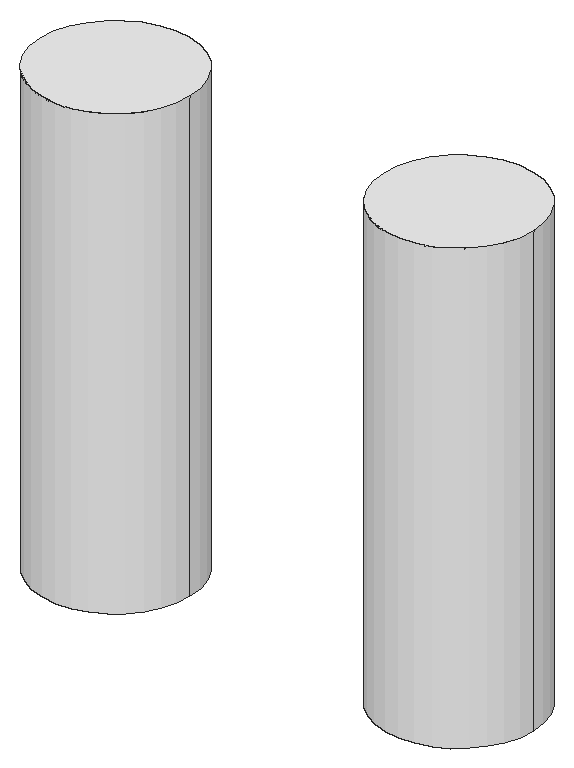
Revit family "65292203", category Plumbing Fixtures, Revit 2018
Family settings
  Round Connector Dimension = Use Diameter
  Part Type = Normal
  OmniClass Number = 23.45.55.00
  OmniClass Title = Sanitary Faucets, Wastes
  Work Plane-Based = No
  Always vertical = Yes
  Cut with Voids When Loaded = No
  Shared = No
  Room Calculation Point = No
Parameters (values of type "65292203 Kitchen faucet with dishwasher valve, 6 V ")
  WorkingPressure = "100 - 1000 kPa"
  Working Pressure = "100 - 1000 kPa"
  WarrantyStartDate [instance] = "n/a"
  WarrantyGuarantorParts = "n/a"
  WarrantyGuarantorLabor = "n/a"
  WarrantyDurationUnit = "Year"
  WarrantyDurationParts = "n/a"
  WarrantyDurationLabor = "n/a"
  WarrantyDescription = "http://warranty.hansa.com"
  Warranty Information URL = "http://warranty.hansa.com"
  VersionDate = "01/07/2022"
  Version = "3"
  ValvePattern = "n/a"
  ValveOperation = "n/a"
  ValveMechanism = "n/a"
  Uniclass2015Reference = "Pr_40_20_87_96"
  Uniclass2015Description = "Washbasin manual water supply sets"
  Uniclass2 = "Pr_40_30_96_96"
  URL WEEE = "http://www.hansa.com/fileadmin/resources/153036_WEEE.pdf"
  URL UN38.3 = "http://www.hansa.com/fileadmin/resources/163480_UN38-3_Maxell_2CR5_198330-77.pdf3.pdf"
  URL REACH = "http://static.hansa.com/doc/reach"
  URL Declaration of Conformity = "http://static.hansa.com/DoC/65292203"
  URL = ""
  UNSPSC Class Number = "30181700 Faucets or taps"
  TestPressure = "n/a"
  Temperature Adjustments = "Adjustable hot water stop (included, retrofittable);Limitation option for maximum temperature and flow-rate "
  Temperature = "Temperature limiter (retrofittable);Temperature limiter"
  Technical DataSheet URL = "http://www.hansa.com/datasheet/65292203/en"
  TagNumber [instance] = "n/a"
  SustainabilityPerformance = "n/a"
  Surface treatment = "Chrome"
  Spout Type = "Swivel spout"
  Spout Swivel Range = "120° (80° / 60°)"
  Spout Projection = "200 mm"
  Spare-Part Information URL = "http://static.hansa.com/sp/65292203"
  Size = "125x245x465 mm"
  Shower Spray Number = "2 shower sprays"
  Shower Spray = "Normal;Intense"
  Shape = "Sculptured"
  SerialNumber [instance] = "n/a"
  Sales Package dimensions (LxWxH) = "1017.0 x 230.0 x 144.0"
  Revision = "2"
  ReplacementCost = "n/a"
  Protection Class = "IP 55"
  ProductInformation = "n/a"
  Product URL = "http://static.hansa.com/65292203"
  Product Image URL = "http://static.hansa.com/image/65292203"
  Product Family = "HANSAFIT Semiprofessional"
  Product Code = "65292203"
  OperatingMechanismMaterial = "n/a"
  Operating Voltage = 6 V
  NominalWidth = 125.787 mm
  NominalHeight = 463.739 mm
  NominalDepth = 246.345 mm
  Name_en = "65292203 Kitchen faucet with dishwasher valve, 6 V"
  Name = "65292203 Kitchen faucet with dishwasher valve, 6 V"
  NBSReference = "45-35-70/371"
  NBSDescription = "Water supply fittings for wash basins and troughs"
  Mounting Holes = "1 hole"
  ModelReference = "65292203"
  ModelNumber = "n/a"
  Model = "65292203 Kitchen faucet with dishwasher valve, 6 V"
  Mobile Product Information URL = "http://mpi.hansa.com/65292203"
  Mechanical Parts = "Litter filter(s);Mixing valve for manual temperature control;ø 40 mm ceramic cartridge for flow and temperature control"
  Max. Hot Water Supply = 70 °C
  Material = "Brass"
  Market = "Austria;Belgium;Czech Republic;Germany;Spain;France;International;Netherlands;Slovakia"
  ManufacturerURL = "http://www.hansa.com"
  ManufacturerName = "HANSA"
  Manufacturer = "HANSA"
  Lever Handle = "Easy-Grip surface;Single operating lever/handle;Hot/Cold symbols"
  Keynote = ""
  Interactive AR View URL = "https://static.hansa.com/AR/65292203"
  InstallationDate [instance] = "n/a"
  Installation and Maintenance Guide URL = "http://static.hansa.com/manual/65292203"
  Installation Type = "Deck mounted"
  InletConnectionSize = 10 mm
  IfcExportType = "FAUCET"  # constant formula
  IfcExportAs = "IfcValveType"  # constant formula
  Hand Shower = "Pull-out hand spray"
  Group = "Kitchen faucet"
  Grade = "n/a"
  FlowCoefficient = 0
  Flow Rate At 300kPa = 0.2 L/s
  Flow Drawing URL = "http://static.hansa.com/flowchart/65292203"
  Finish = "Polished"
  Features = "Single-lever, side operated;Battery-operated;Dishwasher valve"
  FaucetMainMaterial = Brass
  FDV Document URL = "http://www.hansa.com/datasheet/65292203/en/fdv"
  ExpectedLife = "n/a"
  Electronic Parts = "Solenoid valve;Light indicated function(s);Low battery indicator"
  ETIM Class Number = "EC011431 Kitchen mixing tap"
  EN Standard = "EN 15091 , EN 817"
  EMC Directive = "2014/30/EU , 2011/65/EU"
  EAN Number = "4057304004605"
  DurationUnit = "Year"
  Diverter = "Push operated diverter;Automatic reset"
  Dishwasher Valve Open Period = "4 h / 12 h"
  Dishwasher Valve = "Electronic stop valve for external equipment"
  Dimension Drawing URL = "http://static.hansa.com/dimdrw/65292203"
  Description = ""
  DefaultElevation [instance] = 900 mm
  Constituents = "n/a"
  Connection Size = "G3/8"
  Connection = "Flexible inlet pipes"
  Color = "Chrome"
  CodePerformance = "n/a"
  CloseOffRating = 0
  Category = "Kitchen"
  Catalog Drawing URL = "http://static.hansa.com/catdrw/65292203"
  Brand = "HANSA"
  BodyMaterial = "Brass"
  Battery = "Lithium 2CR5 6 V"
  Barcode [instance] = "n/a"
  Backflow Prevention EN1717 = "EB"
  BIMObjectName = "65292203"
  Author = "BIMStone"
  AssetType = "Fixed"
  AssetIdentifier [instance] = "n/a"
  Advanced Features = "Surfaces in contact with drinking water contain less than 0.3% lead;Waterways without nickel coating"
  AccessibilityPerformance = "n/a"
  3D View = "https://static.hansa.com/3D/65292203"
  2D/3D/BIM Files URL = "http://static.hansa.com/bim/65292203"
Reference planes
  plane 1 "Center (Front/Back)": y = 0
  plane 2: z = 0
  plane 3 "Center (Left/Right)": x = 0
  plane 4: x = -29.779
  plane 5: z = 900
  plane 6: z = 870
  plane 7: y = -246.345
  plane 8: x = 29.779
  plane 9: z = 1363.739
  plane 10: x = 96.008
Forms (mm)
  Extrusion 1, solid, material "Brass" <- "FaucetMainMaterial"
    sketch origin (0, -7.279, 0) x (1, 0, 0) y (0, 1, 0)
      loop
        circle (-11.5, -22.5) r 5
      loop
        circle (11.5, -22.5) r 5
    from 870 to 900
Dimensions and locks
  "DefaultElevation": plane 5 to level
  locked: plane 5 to plane 6 at 30
  "NominalDepth": plane 7 to plane 1 "Center (Front/Back)"
  equal spacing: plane 4, plane 3 "Center (Left/Right)", plane 8
  "NominalHeight": plane 9 to plane 5
  "NominalWidth": plane 4 to plane 10
  locked: plane 8 to plane 10 at 66.228
  "InletConnectionSize": diameter of Extrusion 1 sketch curve  (x2)
  aligned and locked: level to plane 2
  aligned and locked: plane 5 to Extrusion 1
  aligned and locked: Extrusion 1 to plane 6
  aligned and locked: nested 2 to plane 5
Automatic sketch dimensions
  Extrusion 1 sketch curve to plane 3 "Center (Left/Right)" = 11.5 mm
  plane 3 "Center (Left/Right)" to Extrusion 1 sketch curve = 11.5 mm
  plane 1 "Center (Front/Back)" to Extrusion 1 sketch curve = 29.779 mm  (x2)
Nested families
  nested 1: "Symbol" at (0, 0, 0), type "Symbol", detail levels coarse
  nested 2: "65292203_p" at (0, 0, 900), Material <- "FaucetMainMaterial", type "65292203_p"
    with Material Brass
Connectors
  piping at (-11.5, -29.779, 870), diameter 10, driven by "InletConnectionSize"
    settings: on Extrusion 1, index 1, connector inside diameter 609.6 mm, connector length 0 mm, flow factor 0, pipe flow 0.2 L/s, pressure drop 0.0 Pa, fitting loss kfactor 0, connector angle 0.00°, fixture units 0, engagement length 0 mm, angle of deflection 0.00°, flow configuration 1, flow direction 1, fitting loss method 0, system type 19, joint type 0, gender type 0, connector reference index -1, connector utility 0, adjustable connector no, is connector primary yes, connector description ""
  piping at (11.5, -29.779, 870), diameter 10, driven by "InletConnectionSize"
    settings: on Extrusion 1, index 2, connector inside diameter 609.6 mm, connector length 0 mm, flow factor 0, pipe flow 0.2 L/s, pressure drop 0.0 Pa, fitting loss kfactor 0, connector angle 0.00°, fixture units 0, engagement length 0 mm, angle of deflection 0.00°, flow configuration 1, flow direction 1, fitting loss method 0, system type 20, joint type 0, gender type 0, connector reference index -1, connector utility 0, adjustable connector no, is connector primary no, connector description ""
Definition of nested family "Symbol"
  Reference planes
    plane 1: y = 0
    plane 2: x = 0
  Lines and regions (mm)
    detail lines
      curve 1: line (0, 0, 0) -> (0, -1.8, 0)
      curve 2: line (-0.4, -1.1, 0) -> (0.4, -1.1, 0)
      curve 3: line (-0.4, -1.4, 0) -> (0.4, -1.4, 0)
      curve 4: line (0.863, 0, 0) -> (-0.863, 0, 0)
      curve 5: circle (-1.163, 0, 0) r 0.3 normal (0, 0, -1)
      curve 6: circle (1.163, 0, 0) r 0.3 normal (0, 0, 1)
